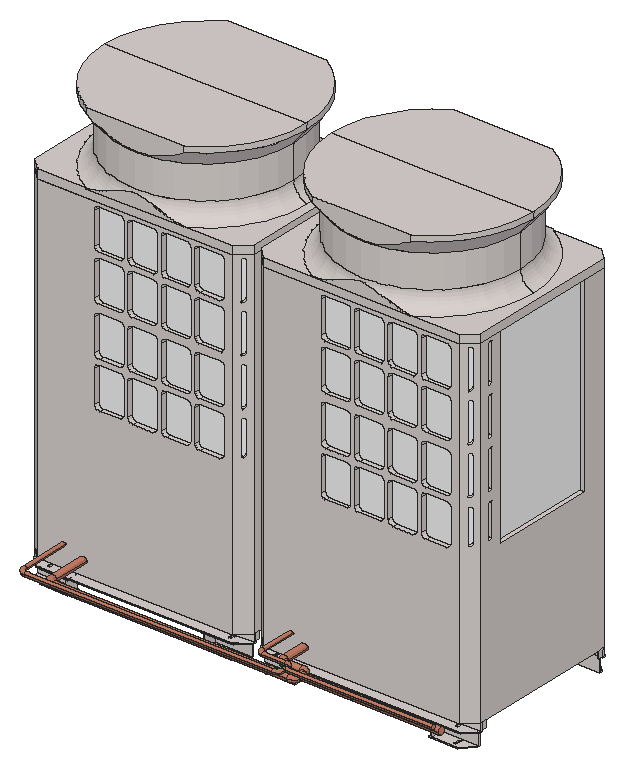
Revit family "PUHY-P600YSNW-A1", category Mechanical Equipment, Revit 2016
Family settings
  Part Type = Normal
  Round Connector Dimension = Use Radius
  OmniClass Number = 23.75.00.00
  OmniClass Title = Climate Control (HVAC)
  Work Plane-Based = No
  Always vertical = Yes
  Cut with Voids When Loaded = No
  Shared = No
  Room Calculation Point = No
Parameters (values of type "PUHY-P600YSNW-A1_415V_60Hz")
  Model = "PUHY-P600YSNW-A1"
  Width = 1870 mm
  WarrantyStart = ""
  Voltage = 415 V
  Unit Weight (kg) = 452
  URL = "http://www.mitsubishielectric.com/"
  Temp. range of heating (Outdoor temp.) (W.B.) = "-20.0 to 15.5"
  Temp. range of heating (Indoor temp.) (D.B.) = "15.0 to 27.0"
  Temp. range of cooling (Outdoor temp.) (D.B.) = "-5.0 to 52.0"
  Temp. range of cooling (Indoor temp.) (W.B.) = "15.0 to 24.0"
  TagNumber = 0
  Subcategory = "HVAC"
  Space View = yes
  Sound Pressure Level (dB(A)) Heating mode = 67.5
  Sound Pressure Level (dB(A)) Cooling mode = 64
  SerialNumber = 0
  ReplacementYear = ""
  Refrigerant type = "R410A"
  Refrigerant Charge (kg) = 13
  Protection Devices_Inverter circuit (COMP./FAN) = "Over-current protection"
  Protection Devices_High pressure (MPa) = "High pressure sensor, High pressure switch at 4.15"
  Phase = 3
  Manufacturer = "Mitsubishi Electric Corporation"
  Outdoor unit 2 Breaker size (A) = 30
  Outdoor unit 2 = PUHY-P300YNW-A1 : PUHY-P300YNW-A1
  Outdoor unit 1 Breaker size (A) = 30
  Outdoor unit 1 = PUHY-P300YNW-A1 : PUHY-P300YNW-A1
  Note_1 = "Refrigerant pipe diameters may change depending on the installation condition. Please refer to the installation manual."
  Maximum Circuit Ampacity (A) = 45.4
  Liquid pipe_radius = 7.94 mm
  InstallationDate = ""
  Indoor Unit Total Capacity = "50 to 130% of outdoor unit capacity"
  Indoor Unit Model/Quantity = "P10 to P250/2 to 50"
  Hertz = 60 Hz
  Height = 1858 mm
  Heating SCOP (kW/kW) = 4.03
  Heating Rated Load Ampacity (A) = 27.5
  Heating Power Input (kW) = 17.83
  Heating Power Input (Nominal) (kW) = 15.13
  Heating Current Input (Nominal) (A) = 23.3
  Heating Current Input (A) = 27.5
  Heating Capacity (kW) = 76.5
  Heating Capacity (Nominal) (kW) = 69
  Heating COP (kW/kW) = 4.29
  Heating COP (Nominal) (kW/kW) = 4.56
  Gas pipe_radius = 14.29 mm
  Fan_Type = "Propeller Fan"
  Fan_Quantity = 2
  Fan Motor Output (kW) = 1.84
  External static pressure (Pa) = 0
  External Finish = "Pre-coated galvanized steel sheets (+powder coating for -BS type) <MUNSELL 3Y 7.8/1.1 or similar>"
  Equip_description = ""
  Equip_No. = 0
  Equip_ID = ""
  Description = ""
  Depth = 740 mm
  CreatedOn = ""
  CreatedBy = ""
  Cooling SEER (kW/kW) = 6.57
  Cooling Rated Load Ampacity (A) = 28.8
  Cooling Power Input (kW) = 18.69
  Cooling EER (kW/kW) = 3.69
  Cooling Current Input (A) = 28.8
  Cooling Capacity (kW) = 69
  Compressor_Type = "Inverter scroll hermetic compressor"
  Compressor_Quantity = 2
  Compressor_Lubricant = "MEL32"
  Compressor Motor Output (kW) = 13.4
  Category = ""
  Barcode = ""
  AssetIdentifier = ""
  Airflow Rate (m3/min) = 480
  Airflow Rate (m3/h) = 28800
Reference planes
  plane 1 "Center (Front/Back)": y = 0
  plane 2: z = 0
  plane 3 "Center (Left/Right)": x = 0
  plane 4: y = 370
  plane 5 "front": y = -370
  plane 6: x = -935
  plane 7: x = 935
  plane 8: x = 15
  plane 9: x = -15
  plane 10: z = 1858
Forms (mm)
  Sweep 1, solid, material "Copper"
    path origin (1017.215, -4.248, 187) x (0, -1, 0) y (1, 0, 0)
      loop
        line (360, -1792.386) -> (570, -1792.386)
        arc (570, -1792.386) -> (591.213, -1783.6) -> (600, -1762.386) r 30
        line (600, -1762.386) -> (600, -725.507)
        arc (600, -725.507) -> (594.142, -711.365) -> (580, -705.507) r 20
        line (580, -705.507) -> (552.385, -705.507)
        arc (552.385, -705.507) -> (538.243, -711.365) -> (532.385, -725.507) r 20
        line (532.385, -725.507) -> (532.385, -821.501)
        arc (532.385, -821.501) -> (526.527, -835.643) -> (512.385, -841.501) r 20
        line (512.385, -841.501) -> (357.385, -841.501)
    profile origin (-775.172, -469.248, 187) x (1, 0, 0) y (0, 0, 1)
      loop
        circle (0, 0) r 7.94
  Sweep 2, solid, material "Copper"
    path origin (1039.386, -4.248, 155) x (0, -1, 0) y (1, 0, 0)
      loop
        line (360, -1733) -> (525, -1733)
        arc (525, -1733) -> (546.213, -1724.213) -> (555, -1703) r 30
        line (555, -1703) -> (555, -800.253) -> (555, -715.253)
        arc (555, -715.253) -> (549.142, -701.111) -> (535, -695.253) r 20
        line (535, -695.253) -> (510, -695.253)
        arc (510, -695.253) -> (495.858, -701.111) -> (490, -715.253) r 20
        line (490, -715.253) -> (490, -786.253)
        arc (490, -786.253) -> (484.142, -800.395) -> (470, -806.253) r 20
        line (470, -806.253) -> (360, -806.253)
    profile origin (-693.614, -446.748, 155) x (1, 0, 0) y (0, 0, 1)
      loop
        circle (0, 0) r 14.29
  Sweep 3, solid, material "Copper"
    path origin (934.386, -4.248, 187) x (0, -1, 0) y (1, 0, 0)
      loop
        line (565.96, -620) -> (565.96, 0.614)
    profile origin (624.693, -570.208, 187) x (0, 1, 0) y (0, 0, 1)
      loop
        circle (0, 0) r 7.94
  Sweep 4, solid, material "Copper"
    path origin (934.386, -4.248, 155.027) x (-1, 0, 0) y (0, -1, 0)
      loop
        line (585, 523.84) -> (0, 523.84)
    profile origin (641.886, -528.088, 155.027) x (0, 1, 0) y (0, 0, 1)
      loop
        circle (0, 0) r 14.29
Dimensions and locks
  plane 6 to plane 7 = 1870 mm
  "Liquid pipe_radius": radius of Sweep 3 sketch curve
  "Gas pipe_radius": radius of Sweep 4 sketch curve
  aligned and locked: level to plane 2
Automatic sketch dimensions
  Sweep 1 sketch curve to plane 5 "front" = 8.366 mm
  Sweep 1 sketch curve to plane 5 "front" = 5.752 mm
  plane 5 "front" to Sweep 1 sketch curve = 146.634 mm
  Sweep 1 sketch curve to Sweep 1 sketch curve = 20 mm  (x2)
  plane 5 "front" to Sweep 1 sketch curve = 204.248 mm
  Sweep 1 sketch curve to Sweep 1 sketch curve = 27.615 mm
  Sweep 1 sketch curve to Sweep 1 sketch curve = 30 mm
  plane 6 to Sweep 1 sketch curve = 159.828 mm
  plane 3 "Center (Left/Right)" to Sweep 1 sketch curve = 175.714 mm
  Sweep 1 sketch curve to Sweep 1 sketch curve = 95.994 mm
  profile plane to Sweep 1 sketch curve = 0 mm
  Sweep 1 sketch curve to profile plane = 0 mm
  Sweep 2 sketch curve to plane 5 "front" = 5.752 mm  (x2)
  plane 5 "front" to Sweep 2 sketch curve = 104.248 mm
  Sweep 2 sketch curve to Sweep 2 sketch curve = 20 mm  (x3)
  plane 5 "front" to Sweep 2 sketch curve = 159.248 mm
  Sweep 2 sketch curve to Sweep 2 sketch curve = 25 mm
  plane 6 to Sweep 2 sketch curve = 241.386 mm
  plane 3 "Center (Left/Right)" to Sweep 2 sketch curve = 239.134 mm
  Sweep 2 sketch curve to Sweep 2 sketch curve = 6 mm
  Sweep 2 sketch curve to Sweep 2 sketch curve = 71 mm
  profile plane to Sweep 2 sketch curve = 0 mm
  Sweep 2 sketch curve to profile plane = 0 mm
  Sweep 3 sketch curve to plane 7 = 0 mm
  plane 5 "front" to Sweep 3 sketch curve = 200.208 mm
  plane 8 to Sweep 3 sketch curve = 299.386 mm
  Sweep 4 sketch curve to plane 7 = 0.614 mm
  plane 5 "front" to Sweep 4 sketch curve = 158.088 mm
  plane 8 to Sweep 4 sketch curve = 334.386 mm
  Sweep 3 sketch curve to profile plane = 0 mm  (x2)
  Sweep 4 sketch curve to profile plane = 0 mm  (x2)
  radius of Sweep 1 sketch curve = 7.94 mm
  radius of Sweep 2 sketch curve = 14.29 mm
Nested families
  nested 1: "PUHY-P300YNW-A1" at (-475, 0, 0), type <- "Outdoor unit 1", type "PUHY-P300YNW-A1"
  nested 2: "PUHY-P300YNW-A1" at (475, 0, 0), type <- "Outdoor unit 2", type "PUHY-P300YNW-A1"
Connectors
  piping at (934.386, -528.088, 155.027), diameter 28.58, driven by "Gas pipe_radius"
    settings: on Sweep 4, index 1, connector inside diameter 28.58 mm, connector length 0 mm, flow factor 0, pipe flow 0.0 L/s, pressure drop 0.0 Pa, fitting loss kfactor 0, connector angle 0.00°, fixture units 0, engagement length 0 mm, angle of deflection 0.00°, flow configuration 0, flow direction 0, fitting loss method 0, system type 22, joint type 0, gender type 0, connector reference index -1, connector utility 0, adjustable connector no, is connector primary yes, connector description "Indoor unit-Twinning pipe(Gas)"
  piping at (935, -570.208, 187), diameter 15.88, driven by "Liquid pipe_radius"
    settings: on Sweep 3, index 2, connector inside diameter 15.88 mm, connector length 0 mm, flow factor 0, pipe flow 0.0 L/s, pressure drop 0.0 Pa, fitting loss kfactor 0, connector angle 0.00°, fixture units 0, engagement length 0 mm, angle of deflection 0.00°, flow configuration 0, flow direction 0, fitting loss method 0, system type 22, joint type 0, gender type 0, connector reference index -1, connector utility 0, adjustable connector no, is connector primary no, connector description "Indoor unit-Twinning pipe(Liquid)"
  electrical at (319, -370, 280), driven by "Phase", driven by "Voltage"
    settings: index 4, voltage 415 V, apparent load 0 VA, apparent load phase1 0 VA, apparent load phase2 0 VA, apparent load phase3 0 VA, power factor 1, load classification "HVAC", number of poles 3, system type 30, power factor state 1, is connector primary yes, connector utility no, sub classification motor no, connector description ""
  electrical at (-633, -370, 280), driven by "Phase", driven by "Voltage"
    settings: index 5, voltage 415 V, apparent load 0 VA, apparent load phase1 0 VA, apparent load phase2 0 VA, apparent load phase3 0 VA, power factor 1, load classification "HVAC", number of poles 3, system type 30, power factor state 1, is connector primary no, connector utility no, sub classification motor no, connector description ""
Definition of nested family "PUHY-P300YNW-A1"
  Parameters
    Model = "PUHY-P250YNW-A"
    URL = "http://www.mitsubishielectric.com/"
    Manufacturer = "Mitsubishi Electric Corporation"
    Liquid pipe_radius = 4.76 mm
    Gas pipe_radius = 11.1 mm
  Reference planes
    plane 1 "Center (Front/Back)": y = 0
    plane 2: z = 0
    plane 3 "Center (Left/Right)": x = 0
    plane 4 "11": through (-415, 370, 1200) normal (0.7071, -0.7071, 0)
    plane 5 "22": through (-415, -370, 1200) normal (-0.7071, -0.7071, 0)
    plane 6 "44": through (460, 325, 1200) normal (-0.7071, -0.7071, 0)
    plane 7 "33": through (460, -325, 1200) normal (0.7071, -0.7071, 0)
    plane 8: z = 754.5
    plane 9: z = 909.5
    plane 10: x = -300
    plane 11: x = -217
    plane 12: y = 370
    plane 13: y = -370
    plane 14: x = -460
    plane 15: x = 460
  Forms (mm)
    Extrusion 1, solid
      sketch origin (0, 0, 113) x (-1, 0, 0) y (0, -1, 0)
        loop
          line (410, -370) -> (460, -320) -> (460, 320) -> (410, 370) -> (-410, 370) -> (-460, 320) -> (-460, -320) -> (-410, -370) -> (410, -370)
      from -18 to 1408
    Extrusion 2, void
      sketch origin (410, -370, 113) x (1, 0, 0) y (0, 0, -1)
        loop
          arc (-55, -1393.5) -> (-40.858, -1387.642) -> (-35, -1373.5) r 20
          line (-35, -1373.5) -> (-35, -1238.676)
          arc (-35, -1238.676) -> (-40.858, -1224.534) -> (-55, -1218.676) r 20
          line (-55, -1218.676) -> (-139.8, -1218.676)
          arc (-139.8, -1218.676) -> (-153.942, -1224.534) -> (-159.8, -1238.676) r 20
          line (-159.8, -1238.676) -> (-159.8, -1373.5)
          arc (-159.8, -1373.5) -> (-153.942, -1387.642) -> (-139.8, -1393.5) r 20
          line (-139.8, -1393.5) -> (-55, -1393.5)
      from 0 to 20
    Extrusion 3, void
      sketch origin (270, -370, 113) x (1, 0, 0) y (0, 0, -1)
        loop
          arc (-55, -1393.5) -> (-40.858, -1387.642) -> (-35, -1373.5) r 20
          line (-35, -1373.5) -> (-35, -1238.676)
          arc (-35, -1238.676) -> (-40.858, -1224.534) -> (-55, -1218.676) r 20
          line (-55, -1218.676) -> (-139.8, -1218.676)
          arc (-139.8, -1218.676) -> (-153.942, -1224.534) -> (-159.8, -1238.676) r 20
          line (-159.8, -1238.676) -> (-159.8, -1373.5)
          arc (-159.8, -1373.5) -> (-153.942, -1387.642) -> (-139.8, -1393.5) r 20
          line (-139.8, -1393.5) -> (-55, -1393.5)
      from 0 to 20
    Extrusion 4, void
      sketch origin (130, -370, 113) x (1, 0, 0) y (0, 0, -1)
        loop
          arc (-55, -1393.5) -> (-40.858, -1387.642) -> (-35, -1373.5) r 20
          line (-35, -1373.5) -> (-35, -1238.676)
          arc (-35, -1238.676) -> (-40.858, -1224.534) -> (-55, -1218.676) r 20
          line (-55, -1218.676) -> (-139.8, -1218.676)
          arc (-139.8, -1218.676) -> (-153.942, -1224.534) -> (-159.8, -1238.676) r 20
          line (-159.8, -1238.676) -> (-159.8, -1373.5)
          arc (-159.8, -1373.5) -> (-153.942, -1387.642) -> (-139.8, -1393.5) r 20
          line (-139.8, -1393.5) -> (-55, -1393.5)
      from 0 to 20
    Extrusion 5, void
      sketch origin (-10, -370, 113) x (1, 0, 0) y (0, 0, -1)
        loop
          arc (-55, -1393.5) -> (-40.858, -1387.642) -> (-35, -1373.5) r 20
          line (-35, -1373.5) -> (-35, -1238.676)
          arc (-35, -1238.676) -> (-40.858, -1224.534) -> (-55, -1218.676) r 20
          line (-55, -1218.676) -> (-139.8, -1218.676)
          arc (-139.8, -1218.676) -> (-153.942, -1224.534) -> (-159.8, -1238.676) r 20
          line (-159.8, -1238.676) -> (-159.8, -1373.5)
          arc (-159.8, -1373.5) -> (-153.942, -1387.642) -> (-139.8, -1393.5) r 20
          line (-139.8, -1393.5) -> (-55, -1393.5)
      from 0 to 20
    Extrusion 6, void
      sketch origin (410, -370, -81) x (1, 0, 0) y (0, 0, -1)
        loop
          arc (-55, -1393.5) -> (-40.858, -1387.642) -> (-35, -1373.5) r 20
          line (-35, -1373.5) -> (-35, -1238.676)
          arc (-35, -1238.676) -> (-40.858, -1224.534) -> (-55, -1218.676) r 20
          line (-55, -1218.676) -> (-139.8, -1218.676)
          arc (-139.8, -1218.676) -> (-153.942, -1224.534) -> (-159.8, -1238.676) r 20
          line (-159.8, -1238.676) -> (-159.8, -1373.5)
          arc (-159.8, -1373.5) -> (-153.942, -1387.642) -> (-139.8, -1393.5) r 20
          line (-139.8, -1393.5) -> (-55, -1393.5)
      from 0 to 20
    Extrusion 7, void
      sketch origin (270, -370, -81) x (1, 0, 0) y (0, 0, -1)
        loop
          arc (-55, -1393.5) -> (-40.858, -1387.642) -> (-35, -1373.5) r 20
          line (-35, -1373.5) -> (-35, -1238.676)
          arc (-35, -1238.676) -> (-40.858, -1224.534) -> (-55, -1218.676) r 20
          line (-55, -1218.676) -> (-139.8, -1218.676)
          arc (-139.8, -1218.676) -> (-153.942, -1224.534) -> (-159.8, -1238.676) r 20
          line (-159.8, -1238.676) -> (-159.8, -1373.5)
          arc (-159.8, -1373.5) -> (-153.942, -1387.642) -> (-139.8, -1393.5) r 20
          line (-139.8, -1393.5) -> (-55, -1393.5)
      from 0 to 20
    Extrusion 8, void
      sketch origin (130, -370, -81) x (1, 0, 0) y (0, 0, -1)
        loop
          arc (-55, -1393.5) -> (-40.858, -1387.642) -> (-35, -1373.5) r 20
          line (-35, -1373.5) -> (-35, -1238.676)
          arc (-35, -1238.676) -> (-40.858, -1224.534) -> (-55, -1218.676) r 20
          line (-55, -1218.676) -> (-139.8, -1218.676)
          arc (-139.8, -1218.676) -> (-153.942, -1224.534) -> (-159.8, -1238.676) r 20
          line (-159.8, -1238.676) -> (-159.8, -1373.5)
          arc (-159.8, -1373.5) -> (-153.942, -1387.642) -> (-139.8, -1393.5) r 20
          line (-139.8, -1393.5) -> (-55, -1393.5)
      from 0 to 20
    Extrusion 9, void
      sketch origin (-10, -370, -81) x (1, 0, 0) y (0, 0, -1)
        loop
          arc (-55, -1393.5) -> (-40.858, -1387.642) -> (-35, -1373.5) r 20
          line (-35, -1373.5) -> (-35, -1238.676)
          arc (-35, -1238.676) -> (-40.858, -1224.534) -> (-55, -1218.676) r 20
          line (-55, -1218.676) -> (-139.8, -1218.676)
          arc (-139.8, -1218.676) -> (-153.942, -1224.534) -> (-159.8, -1238.676) r 20
          line (-159.8, -1238.676) -> (-159.8, -1373.5)
          arc (-159.8, -1373.5) -> (-153.942, -1387.642) -> (-139.8, -1393.5) r 20
          line (-139.8, -1393.5) -> (-55, -1393.5)
      from 0 to 20
    Extrusion 10, void
      sketch origin (410, -370, -287) x (1, 0, 0) y (0, 0, -1)
        loop
          arc (-55, -1393.5) -> (-40.858, -1387.642) -> (-35, -1373.5) r 20
          line (-35, -1373.5) -> (-35, -1238.676)
          arc (-35, -1238.676) -> (-40.858, -1224.534) -> (-55, -1218.676) r 20
          line (-55, -1218.676) -> (-139.8, -1218.676)
          arc (-139.8, -1218.676) -> (-153.942, -1224.534) -> (-159.8, -1238.676) r 20
          line (-159.8, -1238.676) -> (-159.8, -1373.5)
          arc (-159.8, -1373.5) -> (-153.942, -1387.642) -> (-139.8, -1393.5) r 20
          line (-139.8, -1393.5) -> (-55, -1393.5)
      from 0 to 20
    Extrusion 11, void
      sketch origin (270, -370, -287) x (1, 0, 0) y (0, 0, -1)
        loop
          arc (-55, -1393.5) -> (-40.858, -1387.642) -> (-35, -1373.5) r 20
          line (-35, -1373.5) -> (-35, -1238.676)
          arc (-35, -1238.676) -> (-40.858, -1224.534) -> (-55, -1218.676) r 20
          line (-55, -1218.676) -> (-139.8, -1218.676)
          arc (-139.8, -1218.676) -> (-153.942, -1224.534) -> (-159.8, -1238.676) r 20
          line (-159.8, -1238.676) -> (-159.8, -1373.5)
          arc (-159.8, -1373.5) -> (-153.942, -1387.642) -> (-139.8, -1393.5) r 20
          line (-139.8, -1393.5) -> (-55, -1393.5)
      from 0 to 20
    Extrusion 12, void
      sketch origin (130, -370, -287) x (1, 0, 0) y (0, 0, -1)
        loop
          arc (-55, -1393.5) -> (-40.858, -1387.642) -> (-35, -1373.5) r 20
          line (-35, -1373.5) -> (-35, -1238.676)
          arc (-35, -1238.676) -> (-40.858, -1224.534) -> (-55, -1218.676) r 20
          line (-55, -1218.676) -> (-139.8, -1218.676)
          arc (-139.8, -1218.676) -> (-153.942, -1224.534) -> (-159.8, -1238.676) r 20
          line (-159.8, -1238.676) -> (-159.8, -1373.5)
          arc (-159.8, -1373.5) -> (-153.942, -1387.642) -> (-139.8, -1393.5) r 20
          line (-139.8, -1393.5) -> (-55, -1393.5)
      from 0 to 20
    Extrusion 13, void
      sketch origin (-10, -370, -287) x (1, 0, 0) y (0, 0, -1)
        loop
          arc (-55, -1393.5) -> (-40.858, -1387.642) -> (-35, -1373.5) r 20
          line (-35, -1373.5) -> (-35, -1238.676)
          arc (-35, -1238.676) -> (-40.858, -1224.534) -> (-55, -1218.676) r 20
          line (-55, -1218.676) -> (-139.8, -1218.676)
          arc (-139.8, -1218.676) -> (-153.942, -1224.534) -> (-159.8, -1238.676) r 20
          line (-159.8, -1238.676) -> (-159.8, -1373.5)
          arc (-159.8, -1373.5) -> (-153.942, -1387.642) -> (-139.8, -1393.5) r 20
          line (-139.8, -1393.5) -> (-55, -1393.5)
      from 0 to 20
    Extrusion 14, void
      sketch origin (410, -370, -481) x (1, 0, 0) y (0, 0, -1)
        loop
          arc (-55, -1393.5) -> (-40.858, -1387.642) -> (-35, -1373.5) r 20
          line (-35, -1373.5) -> (-35, -1238.676)
          arc (-35, -1238.676) -> (-40.858, -1224.534) -> (-55, -1218.676) r 20
          line (-55, -1218.676) -> (-139.8, -1218.676)
          arc (-139.8, -1218.676) -> (-153.942, -1224.534) -> (-159.8, -1238.676) r 20
          line (-159.8, -1238.676) -> (-159.8, -1373.5)
          arc (-159.8, -1373.5) -> (-153.942, -1387.642) -> (-139.8, -1393.5) r 20
          line (-139.8, -1393.5) -> (-55, -1393.5)
      from 0 to 20
    Extrusion 15, void
      sketch origin (270, -370, -481) x (1, 0, 0) y (0, 0, -1)
        loop
          arc (-55, -1393.5) -> (-40.858, -1387.642) -> (-35, -1373.5) r 20
          line (-35, -1373.5) -> (-35, -1238.676)
          arc (-35, -1238.676) -> (-40.858, -1224.534) -> (-55, -1218.676) r 20
          line (-55, -1218.676) -> (-139.8, -1218.676)
          arc (-139.8, -1218.676) -> (-153.942, -1224.534) -> (-159.8, -1238.676) r 20
          line (-159.8, -1238.676) -> (-159.8, -1373.5)
          arc (-159.8, -1373.5) -> (-153.942, -1387.642) -> (-139.8, -1393.5) r 20
          line (-139.8, -1393.5) -> (-55, -1393.5)
      from 0 to 20
    Extrusion 16, void
      sketch origin (130, -370, -481) x (1, 0, 0) y (0, 0, -1)
        loop
          arc (-55, -1393.5) -> (-40.858, -1387.642) -> (-35, -1373.5) r 20
          line (-35, -1373.5) -> (-35, -1238.676)
          arc (-35, -1238.676) -> (-40.858, -1224.534) -> (-55, -1218.676) r 20
          line (-55, -1218.676) -> (-139.8, -1218.676)
          arc (-139.8, -1218.676) -> (-153.942, -1224.534) -> (-159.8, -1238.676) r 20
          line (-159.8, -1238.676) -> (-159.8, -1373.5)
          arc (-159.8, -1373.5) -> (-153.942, -1387.642) -> (-139.8, -1393.5) r 20
          line (-139.8, -1393.5) -> (-55, -1393.5)
      from 0 to 20
    Extrusion 17, void
      sketch origin (-10, -370, -481) x (1, 0, 0) y (0, 0, -1)
        loop
          arc (-55, -1393.5) -> (-40.858, -1387.642) -> (-35, -1373.5) r 20
          line (-35, -1373.5) -> (-35, -1238.676)
          arc (-35, -1238.676) -> (-40.858, -1224.534) -> (-55, -1218.676) r 20
          line (-55, -1218.676) -> (-139.8, -1218.676)
          arc (-139.8, -1218.676) -> (-153.942, -1224.534) -> (-159.8, -1238.676) r 20
          line (-159.8, -1238.676) -> (-159.8, -1373.5)
          arc (-159.8, -1373.5) -> (-153.942, -1387.642) -> (-139.8, -1393.5) r 20
          line (-139.8, -1393.5) -> (-55, -1393.5)
      from 0 to 20
    Extrusion 18, solid
      sketch origin (0, -189, -3) x (0, 0, -1) y (-1, 0, 0)
        loop
          circle (-179, 217) r 11.1
      from 0 to 150
    Extrusion 19, solid
      sketch origin (0, -172, -3) x (0, 0, -1) y (-1, 0, 0)
        loop
          circle (-179, 300) r 4.76
      from 0 to 150
    Extrusion 20, void
      sketch origin (-460, -320, 113) x (0, -1, 0) y (0, 0, -1)
        loop
          line (-611.5, -1236.511) -> (-611.5, -1386.5)
          arc (-611.5, -1386.5) -> (-601.5, -1396.5) -> (-591.5, -1386.5) r 10
          line (-591.5, -1386.5) -> (-591.5, -1236.511)
          arc (-591.5, -1236.511) -> (-601.5, -1226.511) -> (-611.5, -1236.511) r 10
      from 0 to 20
    Extrusion 21, void
      sketch origin (-460, -320, -87.006) x (0, -1, 0) y (0, 0, -1)
        loop
          line (-611.5, -1236.511) -> (-611.5, -1386.5)
          arc (-611.5, -1386.5) -> (-601.5, -1396.5) -> (-591.5, -1386.5) r 10
          line (-591.5, -1386.5) -> (-591.5, -1236.511)
          arc (-591.5, -1236.511) -> (-601.5, -1226.511) -> (-611.5, -1236.511) r 10
      from 0 to 20
    Extrusion 22, void
      sketch origin (-460, -320, -287.006) x (0, -1, 0) y (0, 0, -1)
        loop
          line (-611.5, -1236.511) -> (-611.5, -1386.5)
          arc (-611.5, -1386.5) -> (-601.5, -1396.5) -> (-591.5, -1386.5) r 10
          line (-591.5, -1386.5) -> (-591.5, -1236.511)
          arc (-591.5, -1236.511) -> (-601.5, -1226.511) -> (-611.5, -1236.511) r 10
      from 0 to 20
    Extrusion 23, void
      sketch origin (-460, -320, -479.506) x (0, -1, 0) y (0, 0, -1)
        loop
          line (-611.5, -1244.006) -> (-611.5, -1379.006)
          arc (-611.5, -1379.006) -> (-601.5, -1389.006) -> (-591.5, -1379.006) r 10
          line (-591.5, -1379.006) -> (-591.5, -1244.006)
          arc (-591.5, -1244.006) -> (-601.5, -1234.006) -> (-611.5, -1244.006) r 10
      from 0 to 20
    Extrusion 24, void
      sketch origin (-460, -320, 113) x (0, -1, 0) y (0, 0, -1)
        loop
          line (-543, -1408) -> (-215, -1408) -> (-215, -632) -> (-543, -632) -> (-543, -1408)
      from 0 to 20
    Extrusion 25, void
      sketch origin (-410, 370, 113) x (0.707107, 0.707107, 0) y (0, 0, 1)
        loop
          line (-27.158, 1236.539) -> (-27.158, 1386.461)
          arc (-27.158, 1386.461) -> (-37.158, 1396.461) -> (-47.158, 1386.461) r 10
          line (-47.158, 1386.461) -> (-47.158, 1236.539)
          arc (-47.158, 1236.539) -> (-37.158, 1226.539) -> (-27.158, 1236.539) r 10
        loop
          line (-27.158, 1036.539) -> (-27.158, 1186.461)
          arc (-27.158, 1186.461) -> (-37.158, 1196.461) -> (-47.158, 1186.461) r 10
          line (-47.158, 1186.461) -> (-47.158, 1036.539)
          arc (-47.158, 1036.539) -> (-37.158, 1026.539) -> (-27.158, 1036.539) r 10
        loop
          line (-27.158, 836.539) -> (-27.158, 986.461)
          arc (-27.158, 986.461) -> (-37.158, 996.461) -> (-47.158, 986.461) r 10
          line (-47.158, 986.461) -> (-47.158, 836.539)
          arc (-47.158, 836.539) -> (-37.158, 826.539) -> (-27.158, 836.539) r 10
        loop
          line (-27.158, 652.5) -> (-27.158, 785.5)
          arc (-27.158, 785.5) -> (-37.158, 795.5) -> (-47.158, 785.5) r 10
          line (-47.158, 785.5) -> (-47.158, 652.5)
          arc (-47.158, 652.5) -> (-37.158, 642.5) -> (-27.158, 652.5) r 10
      from 0 to 20
    Extrusion 26, void
      sketch origin (460, -320, 113) x (0.707107, 0.707107, 0) y (0, 0, -1)
        loop
          arc (-25.5, -1236.423) -> (-35.5, -1226.423) -> (-45.5, -1236.423) r 10
          line (-45.5, -1236.423) -> (-45.5, -1386.487)
          arc (-45.5, -1386.487) -> (-35.5, -1396.487) -> (-25.5, -1386.487) r 10
          line (-25.5, -1386.487) -> (-25.5, -1236.423)
      from 0 to 20
    Extrusion 27, void
      sketch origin (460, -320, -86.884) x (0.707107, 0.707107, 0) y (0, 0, -1)
        loop
          arc (-25.5, -1236.423) -> (-35.5, -1226.423) -> (-45.5, -1236.423) r 10
          line (-45.5, -1236.423) -> (-45.5, -1386.487)
          arc (-45.5, -1386.487) -> (-35.5, -1396.487) -> (-25.5, -1386.487) r 10
          line (-25.5, -1386.487) -> (-25.5, -1236.423)
      from 0 to 20
    Extrusion 28, void
      sketch origin (460, -320, -286.884) x (0.707107, 0.707107, 0) y (0, 0, -1)
        loop
          arc (-25.5, -1236.423) -> (-35.5, -1226.423) -> (-45.5, -1236.423) r 10
          line (-45.5, -1236.423) -> (-45.5, -1386.487)
          arc (-45.5, -1386.487) -> (-35.5, -1396.487) -> (-25.5, -1386.487) r 10
          line (-25.5, -1386.487) -> (-25.5, -1236.423)
      from 0 to 20
    Extrusion 29, void
      sketch origin (460, -320, -487.987) x (0.707107, 0.707107, 0) y (0, 0, -1)
        loop
          arc (-25.5, -1253.487) -> (-35.5, -1243.487) -> (-45.5, -1253.487) r 10
          line (-45.5, -1253.487) -> (-45.5, -1386.487)
          arc (-45.5, -1386.487) -> (-35.5, -1396.487) -> (-25.5, -1386.487) r 10
          line (-25.5, -1386.487) -> (-25.5, -1253.487)
      from 0 to 20
    Extrusion 30, void
      sketch origin (460, 320, 113) x (0, 1, 0) y (0, 0, -1)
        loop
          line (-604, -1236.423) -> (-604, -1386.487)
          arc (-604, -1386.487) -> (-594, -1396.487) -> (-584, -1386.487) r 10
          line (-584, -1386.487) -> (-584, -1236.423)
          arc (-584, -1236.423) -> (-594, -1226.423) -> (-604, -1236.423) r 10
        loop
          line (-604, -1036.539) -> (-604, -1186.603)
          arc (-604, -1186.603) -> (-594, -1196.603) -> (-584, -1186.603) r 10
          line (-584, -1186.603) -> (-584, -1036.539)
          arc (-584, -1036.539) -> (-594, -1026.539) -> (-604, -1036.539) r 10
        loop
          line (-604, -836.539) -> (-604, -986.603)
          arc (-604, -986.603) -> (-594, -996.603) -> (-584, -986.603) r 10
          line (-584, -986.603) -> (-584, -836.539)
          arc (-584, -836.539) -> (-594, -826.539) -> (-604, -836.539) r 10
        loop
          line (-604, -652.5) -> (-604, -785.5)
          arc (-604, -785.5) -> (-594, -795.5) -> (-584, -785.5) r 10
          line (-584, -785.5) -> (-584, -652.5)
          arc (-584, -652.5) -> (-594, -642.5) -> (-604, -652.5) r 10
      from 0 to 20
    Extrusion 31, void
      sketch origin (460, 320, 113) x (0, 1, 0) y (0, 0, -1)
        loop
          line (-542, -1408) -> (-100, -1408) -> (-100, -611.5) -> (-542, -611.5) -> (-542, -1408)
      from 0 to 20
    Extrusion 32, void
      sketch origin (-410, 370, 113) x (-1, 0, 0) y (0, 0, -1)
        loop
          line (-718, -1408) -> (-47, -1408) -> (-47, -613) -> (-718, -613) -> (-718, -1408)
      from 0 to 20
  Cuts and joins
    Extrusion 2, Extrusion 3, Extrusion 4, Extrusion 5, Extrusion 6, Extrusion 7, Extrusion 8, Extrusion 9, Extrusion 10, Extrusion 11, Extrusion 12, Extrusion 13, Extrusion 14, Extrusion 15, Extrusion 16, Extrusion 17, Extrusion 20, Extrusion 21, Extrusion 22, Extrusion 23, Extrusion 24, Extrusion 25, Extrusion 26, Extrusion 27, Extrusion 28, Extrusion 29, Extrusion 30, Extrusion 31, Extrusion 32 cuts Extrusion 1
  Lines and regions (mm)
    model lines
      curve 1: line (-390, -370, 716) -> (390, -370, 716)
      curve 2: line (-390, -370, 1521) -> (-390, -370, 95)
      curve 3: line (390, -370, 1521) -> (390, -370, 95)
      curve 4: line (-172, -370, 95) -> (-172, -370, 207.5)
      curve 5: line (390, -370, 224.5) -> (199, -370, 224.5)
      curve 6: line (172, -370, 197.5) -> (172, -370, 95)
      curve 7: arc (-189, -370, 224.5) -> (-176.979, -370, 219.521) -> (-172, -370, 207.5) r 17
      curve 8: arc (199, -370, 224.5) -> (179.908, -370, 216.592) -> (172, -370, 197.5) r 27
      curve 9: line (-192, -291, 95) -> (-322, -291, 95)
      curve 10: line (-182, -207, 95) -> (-182, -281, 95)
      curve 11: line (-322, -197, 95) -> (-192, -197, 95)
      curve 12: line (-332, -281, 95) -> (-332, -207, 95)
      curve 13: arc (-332, -281, 95) -> (-329.071, -288.071, 95) -> (-322, -291, 95) r 10
      curve 14: arc (-192, -291, 95) -> (-184.929, -288.071, 95) -> (-182, -281, 95) r 10
      curve 15: arc (-182, -207, 95) -> (-184.929, -199.929, 95) -> (-192, -197, 95) r 10
      curve 16: arc (-322, -197, 95) -> (-329.071, -199.929, 95) -> (-332, -207, 95) r 10
      curve 25: line (-219, -370, 1521) -> (-219, -370, 716)
      curve 26: line (-189, -370, 224.5) -> (-390, -370, 224.5)
      curve 27: circle (308, -185, 95) r 26 normal (0, 0, 1)
      curve 28: circle (288, -260, 95) r 32.5 normal (0, 0, 1)
      curve 29: circle (244, -204, 95) r 17 normal (0, 0, 1)
      curve 30: line (-460, 243, 1521) -> (-460, 243, 95)
      curve 32: line (-460, 243, 705) -> (-460, -155, 705)
      curve 33: line (-460, -155, 95) -> (-460, -155, 1521)
      curve 34: line (-460, 223, 1521) -> (-460, 223, 705)
      curve 35: line (-460, -105, 1521) -> (-460, -105, 705)
      curve 36: line (-460, -95.983, 267.745) -> (-460, 184, 267.745)
      curve 37: line (-460, 184, 247.745) -> (-460, -95.983, 247.745)
      curve 38: arc (-460, -95.983, 247.745) -> (-460, -105.983, 257.745) -> (-460, -95.983, 267.745) r 10
      curve 39: arc (-460, 184, 267.745) -> (-460, 194, 257.745) -> (-460, 184, 247.745) r 10
      curve 40: line (-460, -95.983, 372.745) -> (-460, 184, 372.745)
      curve 41: line (-460, 184, 352.745) -> (-460, -95.983, 352.745)
      curve 42: arc (-460, -95.983, 352.745) -> (-460, -105.983, 362.745) -> (-460, -95.983, 372.745) r 10
      curve 43: arc (-460, 184, 372.745) -> (-460, 194, 362.745) -> (-460, 184, 352.745) r 10
      curve 44: line (-460, -95.983, 477.745) -> (-460, 184, 477.745)
      curve 45: line (-460, 184, 457.745) -> (-460, -95.983, 457.745)
      curve 46: arc (-460, -95.983, 457.745) -> (-460, -105.983, 467.745) -> (-460, -95.983, 477.745) r 10
      curve 47: arc (-460, 184, 477.745) -> (-460, 194, 467.745) -> (-460, 184, 457.745) r 10
      curve 48: line (-460, -95.983, 582.745) -> (-460, 184, 582.745)
      curve 49: line (-460, 184, 562.745) -> (-460, -95.983, 562.745)
      curve 50: arc (-460, -95.983, 562.745) -> (-460, -105.983, 572.745) -> (-460, -95.983, 582.745) r 10
      curve 51: arc (-460, 184, 582.745) -> (-460, 194, 572.745) -> (-460, 184, 562.745) r 10
      curve 52: line (-110, -370, 269) -> (110, -370, 269)
      curve 53: line (110, -370, 249) -> (-110, -370, 249)
      curve 54: arc (-120, -370, 259) -> (-117.071, -370, 266.071) -> (-110, -370, 269) r 10
      curve 55: arc (-110, -370, 249) -> (-117.071, -370, 251.929) -> (-120, -370, 259) r 10
      curve 56: arc (110, -370, 269) -> (117.071, -370, 266.071) -> (120, -370, 259) r 10
      curve 57: arc (120, -370, 259) -> (117.071, -370, 251.929) -> (110, -370, 249) r 10
      curve 58: line (-222.5, -370, 584) -> (222.5, -370, 584)
      curve 59: line (222.5, -370, 564) -> (-222.5, -370, 564)
      curve 60: arc (-222.5, -370, 584) -> (-229.571, -370, 581.071) -> (-232.5, -370, 574) r 10
      curve 61: arc (222.5, -370, 584) -> (229.571, -370, 581.071) -> (232.5, -370, 574) r 10
      curve 62: arc (232.5, -370, 574) -> (229.571, -370, 566.929) -> (222.5, -370, 564) r 10
      curve 63: arc (-222.5, -370, 564) -> (-229.571, -370, 566.929) -> (-232.5, -370, 574) r 10
      curve 64: line (-222.5, -370, 479) -> (222.5, -370, 479)
      curve 65: line (222.5, -370, 459) -> (-222.5, -370, 459)
      curve 66: arc (-222.5, -370, 479) -> (-229.571, -370, 476.071) -> (-232.5, -370, 469) r 10
      curve 67: arc (222.5, -370, 479) -> (229.571, -370, 476.071) -> (232.5, -370, 469) r 10
      curve 68: arc (232.5, -370, 469) -> (229.571, -370, 461.929) -> (222.5, -370, 459) r 10
      curve 69: arc (-222.5, -370, 459) -> (-229.571, -370, 461.929) -> (-232.5, -370, 469) r 10
      curve 70: line (-222.5, -370, 374) -> (222.5, -370, 374)
      curve 71: line (222.5, -370, 354) -> (-222.5, -370, 354)
      curve 72: arc (-222.5, -370, 374) -> (-229.571, -370, 371.071) -> (-232.5, -370, 364) r 10
      curve 73: arc (222.5, -370, 374) -> (229.571, -370, 371.071) -> (232.5, -370, 364) r 10
      curve 74: arc (232.5, -370, 364) -> (229.571, -370, 356.929) -> (222.5, -370, 354) r 10
      curve 75: arc (-222.5, -370, 354) -> (-229.571, -370, 356.929) -> (-232.5, -370, 364) r 10
      curve 76: line (460, -237.5, 1521) -> (460, -237.5, 95)
      curve 77: line (460, -237.5, 705) -> (460, 236.5, 705)
      curve 78: line (460, -237.5, 724.5) -> (460, 236.5, 724.5)
      curve 79: line (460, 236.5, 1521) -> (460, 236.5, 95)
      curve 80: line (327.5, 370, 1521) -> (327.5, 370, 95)
      curve 81: line (308, 370, 1521) -> (308, 370, 706)
      curve 82: line (327.5, 370, 706) -> (-382.5, 370, 706)
      curve 83: line (-382.5, 370, 1521) -> (-382.5, 370, 95)
      curve 84: line (-363, 370, 1521) -> (-363, 370, 706)
      curve 85: line (460, -140.491, 267.745) -> (460, 139.491, 267.745)
      curve 86: line (460, 139.491, 247.745) -> (460, -140.491, 247.745)
      curve 87: arc (460, -140.491, 247.745) -> (460, -150.491, 257.745) -> (460, -140.491, 267.745) r 10
      curve 88: arc (460, 139.491, 267.745) -> (460, 149.491, 257.745) -> (460, 139.491, 247.745) r 10
      curve 89: line (460, -140.491, 372.745) -> (460, 139.491, 372.745)
      curve 90: line (460, 139.491, 352.745) -> (460, -140.491, 352.745)
      curve 91: arc (460, -140.491, 352.745) -> (460, -150.491, 362.745) -> (460, -140.491, 372.745) r 10
      curve 92: arc (460, 139.491, 372.745) -> (460, 149.491, 362.745) -> (460, 139.491, 352.745) r 10
      curve 93: line (460, -140.491, 477.745) -> (460, 139.491, 477.745)
      curve 94: line (460, 139.491, 457.745) -> (460, -140.491, 457.745)
      curve 95: arc (460, -140.491, 457.745) -> (460, -150.491, 467.745) -> (460, -140.491, 477.745) r 10
      curve 96: arc (460, 139.491, 477.745) -> (460, 149.491, 467.745) -> (460, 139.491, 457.745) r 10
      curve 97: line (460, -140.491, 582.745) -> (460, 139.491, 582.745)
      curve 98: line (460, 139.491, 562.745) -> (460, -140.491, 562.745)
      curve 99: arc (460, -140.491, 562.745) -> (460, -150.491, 572.745) -> (460, -140.491, 582.745) r 10
      curve 100: arc (460, 139.491, 582.745) -> (460, 149.491, 572.745) -> (460, 139.491, 562.745) r 10
      curve 101: line (-222.5, 370, 584) -> (222.5, 370, 584)
      curve 102: line (222.5, 370, 564) -> (-222.5, 370, 564)
      curve 103: arc (-222.5, 370, 584) -> (-229.571, 370, 581.071) -> (-232.5, 370, 574) r 10
      curve 104: arc (222.5, 370, 584) -> (229.571, 370, 581.071) -> (232.5, 370, 574) r 10
      curve 105: arc (232.5, 370, 574) -> (229.571, 370, 566.929) -> (222.5, 370, 564) r 10
      curve 106: arc (-222.5, 370, 564) -> (-229.571, 370, 566.929) -> (-232.5, 370, 574) r 10
      curve 107: line (-222.5, 370, 479) -> (222.5, 370, 479)
      curve 108: line (222.5, 370, 459) -> (-222.5, 370, 459)
      curve 109: arc (-222.5, 370, 479) -> (-229.571, 370, 476.071) -> (-232.5, 370, 469) r 10
      curve 110: arc (222.5, 370, 479) -> (229.571, 370, 476.071) -> (232.5, 370, 469) r 10
      curve 111: arc (232.5, 370, 469) -> (229.571, 370, 461.929) -> (222.5, 370, 459) r 10
      curve 112: arc (-222.5, 370, 459) -> (-229.571, 370, 461.929) -> (-232.5, 370, 469) r 10
      curve 113: line (-222.5, 370, 374) -> (222.5, 370, 374)
      curve 114: line (222.5, 370, 354) -> (-222.5, 370, 354)
      curve 115: arc (-222.5, 370, 374) -> (-229.571, 370, 371.071) -> (-232.5, 370, 364) r 10
      curve 116: arc (222.5, 370, 374) -> (229.571, 370, 371.071) -> (232.5, 370, 364) r 10
      curve 117: arc (232.5, 370, 364) -> (229.571, 370, 356.929) -> (222.5, 370, 354) r 10
      curve 118: arc (-222.5, 370, 354) -> (-229.571, 370, 356.929) -> (-232.5, 370, 364) r 10
      curve 119: line (-222.5, 370, 269) -> (222.5, 370, 269)
      curve 120: line (222.5, 370, 249) -> (-222.5, 370, 249)
      curve 121: arc (-222.5, 370, 269) -> (-229.571, 370, 266.071) -> (-232.5, 370, 259) r 10
      curve 122: arc (222.5, 370, 269) -> (229.571, 370, 266.071) -> (232.5, 370, 259) r 10
      curve 123: arc (232.5, 370, 259) -> (229.571, 370, 251.929) -> (222.5, 370, 249) r 10
      curve 124: arc (-222.5, 370, 249) -> (-229.571, 370, 251.929) -> (-232.5, 370, 259) r 10
      curve 125: line (-325, -370, 131) -> (-197, -370, 131)
      curve 126: line (-335, -370, 205) -> (-335, -370, 141)
      curve 127: line (-197, -370, 215) -> (-325, -370, 215)
      curve 128: line (-187, -370, 141) -> (-187, -370, 205)
      curve 129: arc (-335, -370, 205) -> (-332.071, -370, 212.071) -> (-325, -370, 215) r 10
      curve 130: arc (-197, -370, 215) -> (-189.929, -370, 212.071) -> (-187, -370, 205) r 10
      curve 131: arc (-335, -370, 141) -> (-332.071, -370, 133.929) -> (-325, -370, 131) r 10
      curve 132: arc (-197, -370, 131) -> (-189.929, -370, 133.929) -> (-187, -370, 141) r 10
      curve 133: circle (328, -370, 170) r 20 normal (0, -1, 0)
      curve 134: circle (328, -370, 170) r 32.5 normal (0, -1, 0)
      curve 135: circle (253, -370, 185) r 13.5 normal (0, -1, 0)
      curve 136: circle (253, -370, 185) r 26 normal (0, -1, 0)
      curve 137: circle (204, -370, 150) r 17 normal (0, -1, 0)
    model lines, not visible
      curve 17: line (487.5, -370, 703) -> (492.5, -370, 703)
      curve 18: line (477.5, -370, 363) -> (477.5, -370, 693)
      curve 19: line (492.5, -370, 353) -> (487.5, -370, 353)
      curve 20: line (502.5, -370, 693) -> (502.5, -370, 363)
      curve 21: arc (487.5, -370, 703) -> (480.429, -370, 700.071) -> (477.5, -370, 693) r 10
      curve 22: arc (492.5, -370, 703) -> (499.571, -370, 700.071) -> (502.5, -370, 693) r 10
      curve 23: arc (502.5, -370, 363) -> (499.571, -370, 355.929) -> (492.5, -370, 353) r 10
      curve 24: arc (477.5, -370, 363) -> (480.429, -370, 355.929) -> (487.5, -370, 353) r 10
    reference lines
      curve 31: line (-410, 370, 0) -> (-460, 320, 0)
  Dimensions and locks
    nested 1 to level = 1858 mm
    nested 1 to nested 1 = 303 mm
    nested 5 to nested 5 = 60 mm
    nested 1 to nested 2 = 1495 mm
    Extrusion 1 to Extrusion 1 = 920 mm
    Extrusion 2 sketch curve to Extrusion 2 sketch curve = 174.824 mm
    Extrusion 3 sketch curve to Extrusion 3 sketch curve = 174.824 mm
    equal spacing: group 5, group 4, group 3, group 2
    equal spacing: group 2, group 3, group 4, group 5  (x2)
    Extrusion 4 sketch curve to Extrusion 4 sketch curve = 174.824 mm
    Extrusion 5 sketch curve to Extrusion 5 sketch curve = 174.824 mm
    Extrusion 6 sketch curve to Extrusion 6 sketch curve = 174.824 mm
    Extrusion 7 sketch curve to Extrusion 7 sketch curve = 174.824 mm
    Extrusion 8 sketch curve to Extrusion 8 sketch curve = 174.824 mm
    Extrusion 9 sketch curve to Extrusion 9 sketch curve = 174.824 mm
    Extrusion 10 sketch curve to Extrusion 10 sketch curve = 174.824 mm
    Extrusion 11 sketch curve to Extrusion 11 sketch curve = 174.824 mm
    Extrusion 12 sketch curve to Extrusion 12 sketch curve = 174.824 mm
    Extrusion 13 sketch curve to Extrusion 13 sketch curve = 174.824 mm
    Extrusion 14 sketch curve to Extrusion 14 sketch curve = 174.824 mm
    Extrusion 15 sketch curve to Extrusion 15 sketch curve = 174.824 mm
    Extrusion 16 sketch curve to Extrusion 16 sketch curve = 174.824 mm
    Extrusion 17 sketch curve to Extrusion 17 sketch curve = 174.824 mm
    cut or joined group 1 (Extrusion 1, Extrusion 2, Extrusion 3, Extrusion 4, Extrusion 5, Extrusion 6, Extrusion 7, Extrusion 8, Extrusion 9, Extrusion 10, Extrusion 11, Extrusion 12, Extrusion 13, Extrusion 14, Extrusion 15, Extrusion 16, Extrusion 17, Extrusion 20, Extrusion 21, Extrusion 22, Extrusion 23, Extrusion 24, Extrusion 25, Extrusion 26, Extrusion 27, Extrusion 28, Extrusion 29, Extrusion 30, Extrusion 31, Extrusion 32) to cut or joined group 1 = 820 mm
    cut or joined group 1 to cut or joined group 1 = 920 mm
    cut or joined group 1 to cut or joined group 1 = 740 mm
    nested 5 to cut or joined group 1 = 80 mm
    cut or joined group 1 to nested 4 to nested 5 = 80 mm, 760 mm
    cut or joined group 1 to nested 2 = 29.5 mm
    cut or joined group 1 to nested 3 to nested 2 = 29.5 mm, 681 mm
    cut or joined group 1 to cut or joined group 1 = 35 mm
    plane 6 "44" to cut or joined group 1 = 3.536 mm
    Extrusion 25 sketch curve to Extrusion 25 sketch curve = 20 mm
    cut or joined group 1 to cut or joined group 1 = 50 mm
    locked: Extrusion 19 to nested 2 at 116
    curve 137 to nested 2 = 90 mm
    curve 135 to nested 2 = 125 mm
    curve 133 to nested 2 = 110 mm
    cut or joined group 1 to curve 133 = 132 mm
    cut or joined group 1 to curve 135 = 207 mm
    cut or joined group 1 to curve 137 = 256 mm
    cut or joined group 1 to curve 126 to curve 128 = 125 mm, 148 mm
    curve 127 to curve 125 to nested 2 = 84 mm, 71 mm
    cut or joined group 1 to Extrusion 19 = 198 mm
    cut or joined group 1 to Extrusion 18 = 181 mm
    cut or joined group 1 to curve 29 = 166 mm
    cut or joined group 1 to curve 27 = 185 mm
    cut or joined group 1 to curve 28 = 110 mm
    curve 27 to cut or joined group 1 = 152 mm
    curve 28 to cut or joined group 1 = 172 mm
    curve 29 to cut or joined group 1 = 216 mm
    cut or joined group 1 to curve 9 to curve 11 = 79 mm, 94 mm
    cut or joined group 1 to curve 12 to curve 10 = 128 mm, 150 mm
    cut or joined group 1 to plane 10 = 160 mm
    cut or joined group 1 to plane 11 = 243 mm
    nested 4 to nested 4 = 60 mm
    cut or joined group 1 to nested 2 = 32 mm
    nested 4 to nested 4 = 56 mm
    nested 2 to nested 2 to nested 2 = 20 mm, 54 mm
    nested 3 to nested 2 = 592 mm
    nested 3 to nested 3 = 20 mm
    aligned and locked: level to plane 2
    aligned and locked: nested 2 to nested 4
    aligned and locked: nested 2 to nested 5
  Nested families
    nested 1: "FAN GUARD" at (0, 0, 861), type "FAN GUARD"
      with WIDTH 920 mm
    nested 2: "BASE LEG" at (0, -352, 60), type "BASE LEG"
      with Width 920 mm
    nested 3: "BASE LEG" at (0, 352, 60), type "BASE LEG"
      with Width 920 mm
    nested 4: "ATTACHMENT LEG" at (-374, -349, 0), type "ATTACHMENT LEG"
    nested 5: "ATTACHMENT LEG" at (374, -349, 0) x (-1, 0, 0) z (0, 0, 1), type "ATTACHMENT LEG"
    nested 6: "ATTACHMENT LEG" at (-374, 349, 0), type "ATTACHMENT LEG"
    nested 7: "ATTACHMENT LEG" at (374, 349, 0) x (-1, 0, 0) z (0, 0, 1), type "ATTACHMENT LEG"
